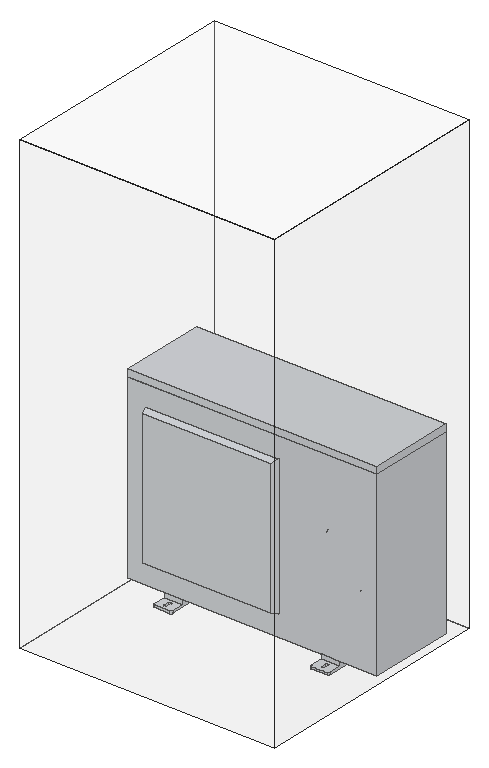
Revit family "puzg-mp3_10m_2_50hz", category 機械設備, Revit 2019 (continued)
Definition of nested family "PUZG-MP3MHA2"
  Automatic sketch dimensions
    curve 79 to curve 82 = 15 mm
    curve 82 to curve 91 = 0 mm
    curve 61 to curve 82 = 0 mm
    curve 58 to curve 61 = 190 mm
    curve 60 to curve 85 = 0 mm
    curve 84 to curve 91 = 0 mm
    curve 151 to curve 143 = 0 mm
    curve 148 to curve 150 = 0 mm
    curve 147 to curve 148 = 40 mm
    curve 145 to curve 146 = 0 mm
    curve 150 to curve 148 = 0 mm
    curve 152 to curve 176 = 13.333 mm
    curve 148 to curve 172 = 13.333 mm
    curve 142 to curve 158 = 13.333 mm
    curve 159 to curve 160 = 40 mm
    curve 175 to curve 176 = 40 mm
    curve 173 to curve 174 = 0 mm
    curve 174 to curve 182 = 13.333 mm
    curve 172 to curve 180 = 13.333 mm
    curve 160 to curve 163 = 13.333 mm
    curve 163 to curve 164 = 40 mm
    curve 182 to curve 182 = 40 mm
    curve 181 to curve 182 = 0 mm
    curve 164 to curve 155 = 13.333 mm
    curve 180 to curve 168 = 13.333 mm
    curve 166 to curve 166 = 40 mm
    curve 156 to curve 166 = 0 mm
    curve 142 to curve 155 = 0 mm
    curve 142 to curve 158 = 0 mm
    curve 165 to curve 154 = 0 mm
    curve 158 to curve 161 = 190 mm
    curve 160 to curve 164 = 0 mm
    curve 145 to curve 159 = 0 mm
    curve 164 to curve 155 = 0 mm
    curve 159 to curve 171 = 15 mm
    curve 170 to curve 178 = 0 mm
    curve 156 to curve 169 = 15 mm
    curve 149 to curve 170 = 0 mm
    curve 146 to curve 148 = 190 mm
    curve 148 to curve 167 = 0 mm
    curve 179 to curve 167 = 0 mm
    curve 148 to curve 171 = 0 mm
    curve 171 to curve 174 = 15 mm
    curve 174 to curve 183 = 0 mm
    curve 153 to curve 174 = 0 mm
    curve 150 to curve 153 = 190 mm
    curve 152 to curve 177 = 0 mm
    curve 176 to curve 183 = 0 mm
Definition of nested family "固定点"
  Parameters (values of type "固定点")
    中心円 = if(W > 599 mm, 12 mm, 10 mm)  # 12 mm
    W = 1000 mm
    D = 1000 mm
  Reference planes
    plane 1 "中心(正面/背面)": y = 0
    plane 2: z = 0
    plane 3 "中心(左/右)": x = 0
    plane 4: x = 1000
    plane 5: y = 1000
  Lines and regions (mm)
    symbolic lines, detail levels fine
      curve 1: circle (0, 1000, 0) r 6 normal (0, 0, 1)
      curve 2: circle (0, 0, 0) r 6 normal (0, 0, 1)
      curve 3: circle (1000, 1000, 0) r 6 normal (0, 0, 1)
      curve 4: circle (1000, 0, 0) r 6 normal (0, 0, 1)
      curve 5: line (-200, 1000, 0) -> (1200, 1000, 0)
      curve 6: line (-200, 0, 0) -> (1200, 0, 0)
      curve 7: line (0, 1200, 0) -> (0, -200, 0)
      curve 8: line (1000, 1200, 0) -> (1000, -200, 0)
  Dimensions and locks
    "W": plane 3 "中心(左/右)" to plane 4
    "D": plane 1 "中心(正面/背面)" to plane 5
    "中心円": diameter of curve 1
    "中心円": diameter of curve 2
    "中心円": diameter of curve 3
    "中心円": diameter of curve 4
    aligned and locked: level to plane 2
    aligned and locked: plane 5 to curve 1
    aligned and locked: plane 3 "中心(左/右)" to curve 1
    aligned and locked: plane 3 "中心(左/右)" to curve 2
    aligned and locked: plane 1 "中心(正面/背面)" to curve 2
    aligned and locked: plane 4 to curve 3
    aligned and locked: plane 5 to curve 3
    aligned and locked: plane 1 "中心(正面/背面)" to curve 4
    aligned and locked: plane 4 to curve 4
    aligned and locked: plane 1 "中心(正面/背面)" to curve 6
    aligned and locked: curve 7 to plane 3 "中心(左/右)"
    aligned and locked: curve 8 to plane 4
  Automatic sketch dimensions
    curve 5 to plane 5 = 0 mm
    curve 6 to plane 3 "中心(左/右)" = 200 mm
    curve 5 to plane 3 "中心(左/右)" = 200 mm
    curve 4 to curve 6 = 200 mm
    curve 3 to curve 5 = 200 mm
    plane 1 "中心(正面/背面)" to curve 8 = 200 mm
    plane 1 "中心(正面/背面)" to curve 7 = 200 mm
    curve 3 to curve 8 = 200 mm
    curve 1 to curve 7 = 200 mm
Types (11, lengths in mm): name | 音響パワーレベル（暖）(dB) | 音響パワーレベル（冷）(dB) | 電源位置Z | 電源位置X | 電動機出力_送風機 | 電動機出力_圧縮機 | 運転方法 | 質量 | 製品質量 | 構成品番 | 最小電線太さ_mm2 | 最大電流値 | 暖房能力 | 推奨ブレーカー容量 | 形名 | ドレン　位置Z | ドレン　位置Y | ドレン　位置X | 冷房能力 | 冷媒管（ガス）位置X | 冷媒管（液）位置X | 冷媒管（液）位置Y | 冷媒管（ガス）位置Y | 冷媒管径符号 | 冷媒管位置Z | 冷媒管位置Y | 冷媒管位置X | 冷媒液管径 | 冷媒ガス管径 | Width | URL | Height | Clearance Right | Clearance Left | Clearance Front | Clearance Back
  (no name) | 0 | 68 | 459 | 275 | 0.15 kW | 2 kW | "冷房専用" | 70.80 kg | 59.00 kg | "PUG-MP3MHA2" | 1.6 | 15 A | 0 kW | 20 A | PUZG-MP3MHA2 : PUZG-MP3MHA2 | 23 | 111 | 30 | 8 kW | 434 | 377 | 290 | 269 | "Bd" | 295 | 279.5 | 405.5 | 9.52 | 15.88 | 950 | "https://www.mitsubishielectric.co.jp/ldg/wink/ssl/displayProduct.do?pid=311534&ccd=2020103123" | 740 | 10 | 10 | 500 | 100
  室外機_PUZG-MP4MHA2 | 70 | 69 | 669 | 275 | 0.15 kW | 2.8 kW | "冷暖切替" | 86.40 kg | 72.00 kg | "PUZG-MP4MHA2" | 1.6 | 21 A | 11.2 kW | 30 A | PUZG-MP4MHA2 : PUZG-MP4MHA2 | 23 | 111 | 30 | 10 kW | 434 | 377 | 290 | 229 | "Bd" | 447 | 259.5 | 405.5 | 9.52 | 15.88 | 950 | "https://www.mitsubishielectric.co.jp/ldg/wink/ssl/displayProduct.do?pid=311529&ccd=2020103123" | 943 | 10 | 10 | 500 | 100
  室外機_PUZG-MP5MLA2 | 74 | 73 | 994 | 325 | 0.12 kW | 3.1 kW | "冷暖切替" | 104.40 kg | 87.00 kg | "PUZG-MP5MLA2" | 1.6 | 24 A | 14 kW | 30 A | PUZG-MP5MLA2 : PUZG-MP5MLA2 | 21 | 176 | 50 | 11.1 kW | 429 | 372 | 291 | 230 | "Bd" | 450 | 260.5 | 400.5 | 9.52 | 15.88 | 950 | "https://www.mitsubishielectric.co.jp/ldg/wink/ssl/displayProduct.do?pid=311530&ccd=2020103123" | 1350 | 15 | 15 | 500 | 150
  室外機_PUZG-P8MKA2 | 81 | 79 | 1063 | 325 | 0.3 kW | 4.6 kW | "冷暖切替" | 157.20 kg | 131.00 kg | "PUZG-P8MKA2" | 2 | 31.5 A | 22.4 kW | 40 A | PUZG-P8_10MKA2 : PUZG-P8KA2 | 24 | 176 | 45 | 20 kW | 483 | 423 | 290 | 274 | "Bg" | 450 | 282 | 453 | 9.52 | 25.40 | 1050 | "https://www.mitsubishielectric.co.jp/ldg/wink/ssl/displayProduct.do?pid=311531&ccd=2020103123" | 1338 | 15 | 15 | 1000 | 150
  室外機_PUZG-MP3MHA2 | 70 | 68 | 459 | 275 | 0.15 kW | 2 kW | "冷暖切替" | 70.80 kg | 59.00 kg | "PUZG-MP3MHA2" | 1.6 | 15 A | 9 kW | 20 A | PUZG-MP3MHA2 : PUZG-MP3MHA2 | 23 | 111 | 30 | 8 kW | 434 | 377 | 290 | 269 | "Bd" | 295 | 279.5 | 405.5 | 9.52 | 15.88 | 950 | "https://www.mitsubishielectric.co.jp/ldg/wink/ssl/displayProduct.do?pid=311528&ccd=2020103123" | 740 | 10 | 10 | 500 | 100
  室外機_PUZG-P10MKA2 | 81 | 79 | 1063 | 325 | 0.4 kW | 5.7 kW | "冷暖切替" | 168.00 kg | 140.00 kg | "PUZG-P10MKA2" | 2 | 40.5 A | 28 kW | 50 A | PUZG-P8_10MKA2 : PUZG-P10KA2 | 24 | 176 | 45 | 23.6 kW | 483 | 423 | 290 | 274 | "Cg" | 424 | 282 | 453 | 12.70 | 25.40 | 1050 | "https://www.mitsubishielectric.co.jp/ldg/wink/ssl/displayProduct.do?pid=311532&ccd=2020103123" | 1338 | 15 | 15 | 1000 | 150
  室外機_PUG-MP3MHA2 | 0 | 68 | 459 | 275 | 0.15 kW | 2 kW | "冷房専用" | 70.80 kg | 59.00 kg | "PUG-MP3MHA2" | 1.6 | 15 A | 0 kW | 20 A | PUZG-MP3MHA2 : PUZG-MP3MHA2 | 23 | 111 | 30 | 8 kW | 434 | 377 | 290 | 269 | "Bd" | 295 | 279.5 | 405.5 | 9.52 | 15.88 | 950 | "https://www.mitsubishielectric.co.jp/ldg/wink/ssl/displayProduct.do?pid=311534&ccd=2020103123" | 740 | 10 | 10 | 500 | 100
  室外機_PUG-MP4MHA2 | 0 | 69 | 669 | 275 | 0.15 kW | 2.8 kW | "冷房専用" | 86.40 kg | 72.00 kg | "PUG-MP4MHA2" | 1.6 | 21 A | 0 kW | 30 A | PUZG-MP4MHA2 : PUZG-MP4MHA2 | 23 | 111 | 30 | 10 kW | 434 | 377 | 290 | 229 | "Bd" | 447 | 259.5 | 405.5 | 9.52 | 15.88 | 950 | "https://www.mitsubishielectric.co.jp/ldg/wink/ssl/displayProduct.do?pid=311535&ccd=2020103123" | 943 | 10 | 10 | 500 | 100
  室外機_PUG-MP5MLA2 | 0 | 73 | 994 | 325 | 0.12 kW | 3.1 kW | "冷房専用" | 104.40 kg | 87.00 kg | "PUG-MP5MLA2" | 1.6 | 24 A | 0 kW | 30 A | PUZG-MP5MLA2 : PUZG-MP5MLA2 | 21 | 176 | 50 | 11.1 kW | 429 | 372 | 291 | 230 | "Bd" | 450 | 260.5 | 400.5 | 9.52 | 15.88 | 950 | "https://www.mitsubishielectric.co.jp/ldg/wink/ssl/displayProduct.do?pid=311536&ccd=2020103123" | 1350 | 15 | 15 | 500 | 150
  室外機_PUG-P8MKA2 | 0 | 79 | 1063 | 325 | 0.3 kW | 4.6 kW | "冷房専用" | 157.20 kg | 131.00 kg | "PUG-P8MKA2" | 2 | 31.5 A | 0 kW | 40 A | PUZG-P8_10MKA2 : PUZG-P8KA2 | 24 | 176 | 45 | 20 kW | 483 | 423 | 290 | 274 | "Bg" | 450 | 282 | 453 | 9.52 | 25.40 | 1050 | "https://www.mitsubishielectric.co.jp/ldg/wink/ssl/displayProduct.do?pid=311537&ccd=2020103123" | 1338 | 15 | 15 | 1000 | 150
  室外機_PUG-P10MKA2 | 0 | 79 | 1063 | 325 | 0.4 kW | 5.7 kW | "冷房専用" | 168.00 kg | 140.00 kg | "PUG-P10MKA2" | 2 | 40.5 A | 0 kW | 50 A | PUZG-P8_10MKA2 : PUZG-P10KA2 | 24 | 176 | 45 | 23.6 kW | 483 | 423 | 290 | 274 | "Cg" | 424 | 282 | 453 | 12.70 | 25.40 | 1050 | "https://www.mitsubishielectric.co.jp/ldg/wink/ssl/displayProduct.do?pid=311538&ccd=2020103123" | 1338 | 15 | 15 | 1000 | 150
